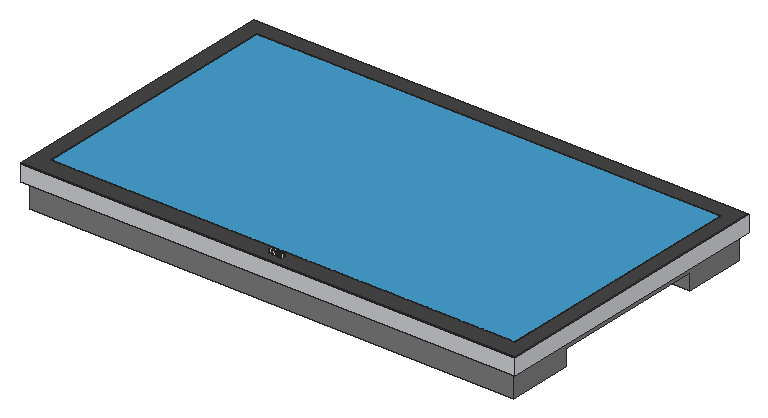
Revit family (continued)
Lines and regions (in)
  model lines
    curve 574: circle (-23.60484, -15.74986, 0) r 0.35465 normal (0, 0, -1)
    curve 575: circle (-23.60484, -15.74986, 0) r 0.44922 normal (0, 0, -1)
    curve 576: circle (-23.60484, -15.74986, 0) r 0.42361 normal (0, 0, -1)
    curve 577: circle (-23.60484, -15.74986, 0) r 0.46893 normal (0, 0, -1)
    curve 578: circle (-23.60484, -15.74986, 0) r 0.76841 normal (0, 0, -1)
    curve 579: circle (-23.60484, -15.74986, 0) r 0.78811 normal (0, 0, -1)
    curve 580: circle (-23.60484, 15.77465, 0) r 0.76841 normal (0, 0, -1)
    curve 581: circle (-23.60484, 15.77465, 0) r 0.78811 normal (0, 0, -1)
    curve 582: circle (-23.60484, 15.77465, 0) r 0.15762 normal (0, 0, -1)
    curve 583: circle (-23.60484, 15.77465, 0) r 0.19703 normal (0, 0, -1)
    curve 584: circle (-23.60484, 15.77465, 0) r 0.29554 normal (0, 0, -1)
    curve 585: circle (-23.60484, 15.77465, 0) r 0.35465 normal (0, 0, -1)
    curve 586: circle (-23.60484, 15.77465, 0) r 0.42361 normal (0, 0, -1)
    curve 587: circle (-23.60484, 15.77465, 0) r 0.44922 normal (0, 0, -1)
    curve 588: circle (-23.60484, 15.77465, 0) r 0.46893 normal (0, 0, -1)
    curve 590: line (37.29267, -11.74874, 0) -> (26.19211, -11.74874, 0)
    curve 591: arc (26.19211, -11.74874, 0) -> (26.13638, -11.72566, 0) -> (26.1133, -11.66993, 0) r 0.07881
    curve 592: line (26.1133, 2.0452, 0) -> (26.1133, -11.66993, 0)
    curve 593: arc (26.03449, 2.12401, 0) -> (26.09021, 2.10093, 0) -> (26.1133, 2.0452, 0) r 0.07881
    curve 594: line (22.74017, 2.12401, 0) -> (26.03449, 2.12401, 0)
    curve 595: line (22.66136, 10.94905, 0) -> (22.66136, 2.20283, 0)
    curve 596: arc (22.74017, 2.12401, 0) -> (22.68444, 2.1471, 0) -> (22.66136, 2.20283, 0) r 0.07881
    curve 597: arc (22.66136, 10.94905, 0) -> (22.68444, 11.00478, 0) -> (22.74017, 11.02786, 0) r 0.07881
    curve 598: line (22.74017, 11.02786, 0) -> (33.69888, 11.02786, 0)
    curve 599: arc (33.8171, 11.14608, 0) -> (33.78247, 11.06249, 0) -> (33.69888, 11.02786, 0) r 0.11822
    curve 600: line (33.8171, 12.013, 0) -> (33.8171, 11.14608, 0)
    curve 601: arc (33.69888, 12.13122, 0) -> (33.78247, 12.09659, 0) -> (33.8171, 12.013, 0) r 0.11822
    curve 602: line (33.28512, 12.13122, 0) -> (33.69888, 12.13122, 0)
    curve 603: line (37.29267, 12.21003, 0) -> (33.28512, 12.21003, 0)
    curve 604: arc (33.24571, 10.94497, 0) -> (33.30144, 10.92188, 0) -> (33.32453, 10.86616, 0) r 0.07881
    curve 605: line (33.24571, 10.94497, 0) -> (22.8308, 10.94497, 0)
    curve 606: line (22.75199, 10.77552, 0) -> (33.32453, 10.77552, 0)
    curve 607: line (33.31664, 12.10815, 0) -> (33.31664, -11.67147, 0)
    curve 608: line (33.32453, 10.44176, 0) -> (33.32453, 11.31932, 0)
    curve 609: line (33.31664, -11.67147, 0) -> (37.125, -11.67147, 0)
    curve 610: line (37.29267, -11.74874, 0) -> (26.19211, -11.74874, 0)
    curve 611: line (33.28512, -11.71328, 0) -> (26.1527, -11.71328, 0)
    curve 612: line (33.31664, -11.67147, 0) -> (37.125, -11.67147, 0)
    curve 613: line (33.69888, -11.69357, 0) -> (33.28512, -11.69357, 0)
    curve 614: arc (33.8171, -11.57536, 0) -> (33.78247, -11.65895, 0) -> (33.69888, -11.69357, 0) r 0.11822
    curve 615: line (33.8171, -11.57536, 0) -> (33.8171, 1.99004, 0)
    curve 616: arc (33.69888, 2.10825, 0) -> (33.78247, 2.07363, 0) -> (33.8171, 1.99004, 0) r 0.11822
    curve 617: line (33.28512, 2.10825, 0) -> (33.69888, 2.10825, 0)
    curve 618: line (33.32453, 1.74375, 0) -> (33.37181, 1.74375, 0)
    curve 619: line (33.37181, 1.74375, 0) -> (33.37181, 1.82256, 0)
    curve 620: line (33.37181, 1.82256, 0) -> (33.37181, 3.83619, 0)
    curve 621: line (33.31664, 12.10815, 0) -> (33.31664, -11.67147, 0)
    curve 622: line (33.31664, 12.10815, 0) -> (33.31664, -11.67147, 0)
    curve 623: line (33.31664, 12.10815, 0) -> (33.31664, -11.67147, 0)
    curve 624: line (33.32453, 3.83619, 0) -> (33.32453, 1.82256, 0)
    curve 625: line (33.37181, 1.82256, 0) -> (33.37181, 3.83619, 0)
    curve 626: line (33.28512, 2.12795, 0) -> (32.69403, 2.12795, 0)
    curve 627: line (33.24571, 2.19691, 0) -> (22.8308, 2.19691, 0)
    curve 628: arc (33.32453, 2.27573, 0) -> (33.30144, 2.22, 0) -> (33.24571, 2.19691, 0) r 0.07881
    curve 629: line (22.75199, 2.36636, 0) -> (33.32453, 2.36636, 0)
    curve 630: line (33.28512, 2.12795, 0) -> (32.69403, 2.12795, 0)
    curve 631: line (32.69403, 2.09643, 0) -> (32.69403, 2.26587, 0)
    curve 632: arc (32.61522, 2.34469, 0) -> (32.67095, 2.3216, 0) -> (32.69403, 2.26587, 0) r 0.07881
    curve 633: line (32.61522, 2.34469, 0) -> (26.8226, 2.34469, 0)
    curve 634: arc (26.74379, 2.26587, 0) -> (26.76687, 2.3216, 0) -> (26.8226, 2.34469, 0) r 0.07881
    curve 635: line (26.74379, 2.09643, 0) -> (26.74379, 2.26587, 0)
    curve 636: line (33.24571, 2.19691, 0) -> (22.8308, 2.19691, 0)
    curve 637: line (26.74379, 2.12795, 0) -> (26.1527, 2.12795, 0)
    curve 638: arc (26.03449, 2.12401, 0) -> (26.09021, 2.10093, 0) -> (26.1133, 2.0452, 0) r 0.07881
    curve 639: line (22.74017, 2.12401, 0) -> (26.03449, 2.12401, 0)
    curve 640: line (26.1133, 2.0452, 0) -> (26.1133, -11.66993, 0)
    curve 641: line (26.1527, 1.7339, 0) -> (25.64043, 1.7339, 0)
    curve 642: arc (25.52221, 1.61568, 0) -> (25.55684, 1.69927, 0) -> (25.64043, 1.7339, 0) r 0.11822
    curve 643: line (25.52221, -2.42438, 0) -> (25.52221, 1.61568, 0)
    curve 644: arc (25.64043, -2.5426, 0) -> (25.55684, -2.50797, 0) -> (25.52221, -2.42438, 0) r 0.11822
    curve 645: line (25.94385, -2.5426, 0) -> (25.64043, -2.5426, 0)
    curve 646: line (25.94385, -3.13368, 0) -> (25.94385, -2.5426, 0)
    curve 647: line (25.64043, -3.13368, 0) -> (25.94385, -3.13368, 0)
    curve 648: arc (25.52221, -3.2519, 0) -> (25.55684, -3.16831, 0) -> (25.64043, -3.13368, 0) r 0.11822
    curve 649: line (25.52221, -6.33342, 0) -> (25.52221, -3.2519, 0)
    curve 650: arc (25.64043, -6.45164, 0) -> (25.55684, -6.41701, 0) -> (25.52221, -6.33342, 0) r 0.11822
    curve 651: line (25.64043, -6.45164, 0) -> (25.94385, -6.45164, 0)
    curve 652: line (25.94385, -6.45164, 0) -> (25.94385, -7.04272, 0)
    curve 653: line (25.94385, -7.04272, 0) -> (25.64043, -7.04272, 0)
    curve 654: arc (25.52221, -7.16094, 0) -> (25.55684, -7.07735, 0) -> (25.64043, -7.04272, 0) r 0.11822
    curve 655: line (25.52221, -11.16948, 0) -> (25.52221, -7.16094, 0)
    curve 656: arc (25.64043, -11.2877, 0) -> (25.55684, -11.25307, 0) -> (25.52221, -11.16948, 0) r 0.11822
    curve 657: line (26.1527, -11.2877, 0) -> (25.64043, -11.2877, 0)
    curve 658: circle (15.80087, 15.77446, 0) r 0.19703 normal (0, 0, -1)
    curve 659: circle (15.80087, 0.0122, 0) r 0.19703 normal (0, 0, -1)
    curve 660: circle (15.80087, -15.75005, 0) r 0.19703 normal (0, 0, -1)
    curve 661: circle (-15.72371, 15.77465, 0) r 0.19703 normal (0, 0, -1)
    curve 662: circle (-15.72371, -15.74986, 0) r 0.19703 normal (0, 0, -1)
    curve 663: arc (-27.3484, -19.627, 0) -> (-27.54542, -19.82403, 0) -> (-27.74245, -19.627, 0) r 0.19703
    curve 664: line (-27.74245, -18.72067, 0) -> (-27.74245, -19.627, 0)
    curve 665: arc (-27.74245, -18.72067, 0) -> (-27.56933, -18.30271, 0) -> (-27.15137, -18.12959, 0) r 0.59108
    curve 666: arc (-27.3484, -18.72067, 0) -> (-27.29069, -18.58135, 0) -> (-27.15137, -18.52365, 0) r 0.19703
    curve 667: line (-27.3484, -18.72067, 0) -> (-27.3484, -19.627, 0)
    curve 668: line (-27.15137, -18.52336, 0) -> (-23.99892, -18.52336, 0)
    curve 669: line (-27.15137, -18.1293, 0) -> (-23.99892, -18.1293, 0)
    curve 670: arc (-23.99892, -18.12959, 0) -> (-23.58096, -18.30271, 0) -> (-23.40783, -18.72067, 0) r 0.59108
    curve 671: arc (-23.99892, -18.52365, 0) -> (-23.8596, -18.58135, 0) -> (-23.80189, -18.72067, 0) r 0.19703
    curve 672: line (-23.80189, -18.72067, 0) -> (-23.80189, -19.627, 0)
    curve 673: arc (-23.40783, -19.627, 0) -> (-23.60486, -19.82403, 0) -> (-23.80189, -19.627, 0) r 0.19703
    curve 674: line (-23.40783, -18.72067, 0) -> (-23.40783, -19.627, 0)
    curve 675: arc (-27.74245, 19.35766, 0) -> (-27.54542, 20.00719, 0) -> (-27.3484, 19.35766, 0) r 0.35465
    curve 676: arc (-23.80189, 19.35766, 0) -> (-23.60486, 20.00719, 0) -> (-23.40783, 19.35766, 0) r 0.35465
    curve 677: arc (-23.80189, 19.65254, 0) -> (-23.60486, 19.84957, 0) -> (-23.40783, 19.65254, 0) r 0.19703
    curve 678: line (-23.80189, 18.7465, 0) -> (-23.80189, 19.65254, 0)
    curve 679: line (-23.80189, 18.7465, 0) -> (-23.80189, 19.65254, 0)
    curve 680: line (-23.40783, 18.74621, 0) -> (-23.40783, 19.65254, 0)
    curve 681: arc (-23.40783, 18.74621, 0) -> (-23.5875, 18.32181, 0) -> (-24.01728, 18.15541, 0) r 0.59108
    curve 682: line (-27.16974, 18.15541, 0) -> (-24.01728, 18.15541, 0)
    curve 683: line (-27.16197, 18.54947, 0) -> (-23.99892, 18.54947, 0)
    curve 684: arc (-27.74245, 19.35766, 0) -> (-27.54542, 20.00719, 0) -> (-27.3484, 19.35766, 0) r 0.35465
    curve 685: arc (-27.74245, 19.65254, 0) -> (-27.54542, 19.84957, 0) -> (-27.3484, 19.65254, 0) r 0.19703
    curve 686: line (-27.3484, 18.74621, 0) -> (-27.3484, 19.65254, 0)
    curve 687: line (-27.74245, 18.74621, 0) -> (-27.74245, 19.65254, 0)
    curve 688: arc (-27.16197, 18.54947, 0) -> (-27.29439, 18.61069, 0) -> (-27.3484, 18.74621, 0) r 0.19703
    curve 689: arc (-27.16974, 18.15541, 0) -> (-27.57577, 18.3348, 0) -> (-27.74245, 18.74621, 0) r 0.59108
    curve 690: arc (27.42545, 19.35766, 0) -> (27.62248, 20.00719, 0) -> (27.8195, 19.35766, 0) r 0.35465
    curve 691: arc (23.48488, 19.35766, 0) -> (23.68191, 20.00719, 0) -> (23.87894, 19.35766, 0) r 0.35465
    curve 692: arc (23.48488, 19.65254, 0) -> (23.68191, 19.84957, 0) -> (23.87894, 19.65254, 0) r 0.19703
    curve 693: line (23.48488, 18.74621, 0) -> (23.48488, 19.65254, 0)
    curve 694: line (23.87894, 18.74621, 0) -> (23.87894, 19.65254, 0)
    curve 695: arc (24.06537, 18.54947, 0) -> (23.93295, 18.61069, 0) -> (23.87894, 18.74621, 0) r 0.19703
    curve 696: arc (24.0576, 18.15541, 0) -> (23.65156, 18.3348, 0) -> (23.48488, 18.74621, 0) r 0.59108
    curve 697: line (24.06537, 18.54947, 0) -> (27.21782, 18.54947, 0)
    curve 698: line (24.0576, 18.15541, 0) -> (27.21005, 18.15541, 0)
    curve 699: arc (27.42545, 19.35766, 0) -> (27.62248, 20.00719, 0) -> (27.8195, 19.35766, 0) r 0.35465
    curve 700: arc (27.42545, 19.65254, 0) -> (27.62248, 19.84957, 0) -> (27.8195, 19.65254, 0) r 0.19703
    curve 701: line (27.42545, 18.74621, 0) -> (27.42545, 19.65254, 0)
    curve 702: arc (27.8195, 18.74621, 0) -> (27.63983, 18.32181, 0) -> (27.21005, 18.15541, 0) r 0.59108
    curve 703: line (27.8195, 18.74621, 0) -> (27.8195, 19.65254, 0)
    curve 704: arc (27.42545, 18.74621, 0) -> (27.36394, 18.60319, 0) -> (27.21782, 18.54947, 0) r 0.19703
    curve 705: line (24.07597, 18.54947, 0) -> (27.22842, 18.54947, 0)
    curve 706: arc (27.8195, -19.627, 0) -> (27.62248, -19.82403, 0) -> (27.42545, -19.627, 0) r 0.19703
    curve 707: line (27.42545, -18.72067, 0) -> (27.42545, -19.627, 0)
    curve 708: line (27.8195, -18.72067, 0) -> (27.8195, -19.627, 0)
    curve 709: arc (27.22842, -18.12959, 0) -> (27.64638, -18.30271, 0) -> (27.8195, -18.72067, 0) r 0.59108
    curve 710: line (24.07597, -18.1293, 0) -> (27.22842, -18.1293, 0)
    curve 711: line (24.07597, -18.52336, 0) -> (27.22842, -18.52336, 0)
    curve 712: arc (27.22842, -18.52365, 0) -> (27.36774, -18.58135, 0) -> (27.42545, -18.72067, 0) r 0.19703
    curve 713: arc (23.48488, -18.72067, 0) -> (23.65801, -18.30271, 0) -> (24.07597, -18.12959, 0) r 0.59108
    curve 714: arc (23.87894, -18.72067, 0) -> (23.93665, -18.58135, 0) -> (24.07597, -18.52365, 0) r 0.19703
    curve 715: line (23.87894, -18.72067, 0) -> (23.87894, -19.627, 0)
    curve 716: line (23.48488, -18.72067, 0) -> (23.48488, -19.627, 0)
    curve 717: arc (23.87894, -19.627, 0) -> (23.68191, -19.82403, 0) -> (23.48488, -19.627, 0) r 0.19703
    curve 718: circle (15.80087, -15.75005, 0) r 0.19703 normal (0, 0, -1)
    curve 719: circle (15.80087, -15.75005, 0) r 0.19703 normal (0, 0, -1)
    curve 720: circle (-15.72371, 0.01239, 0) r 0.19703 normal (0, 0, -1)
    curve 721: circle (-15.72371, -15.74986, 0) r 0.19703 normal (0, 0, -1)
    curve 722: circle (29.09426, -21.92943, 6.31) r 0.2384 normal (0, 0, 1)
    curve 723: circle (28.47165, -21.92943, 6.31) r 0.10245 normal (0, 0, 1)
    curve 724: arc (27.20819, -22.0583, 6.31) -> (27.29724, -22.25276, 6.31) -> (27.24616, -22.04507, 6.31) r 0.10742
    curve 725: line (35.65533, -20.08928, 6.31) -> (35.88839, -20.32234, 6.31)
    curve 726: line (35.91147, -22.41422, 6.31) -> (35.91147, -20.37806, 6.31)
    curve 727: line (35.89177, -20.08928, 6.31) -> (35.89177, 20.06507, 6.31)
    curve 728: line (35.65533, -20.32572, 6.31) -> (-35.59007, -20.32572, 6.31)
    curve 729: line (-35.8462, -22.41422, 6.31) -> (-35.8462, -20.37806, 6.31)
    curve 730: line (-35.59007, -20.08928, 6.31) -> (-35.82312, -20.32234, 6.31)
    curve 731: line (-35.8265, -20.08928, 6.31) -> (-35.8265, 20.06507, 6.31)
    curve 732: line (35.65533, 20.3015, 6.31) -> (-35.59007, 20.3015, 6.31)
    curve 733: line (-35.8462, 22.39, 6.31) -> (-35.8462, 20.35385, 6.31)
    curve 734: line (-35.82312, 20.29812, 6.31) -> (-35.59007, 20.06507, 6.31)
    curve 735: line (35.83266, 20.24239, 6.31) -> (35.65533, 20.06507, 6.31)
    curve 736: line (35.91147, 20.35385, 6.31) -> (35.91147, 22.39, 6.31)
    curve 737: arc (35.88839, 20.29812, 6.31) -> (35.90547, 20.32369, 6.31) -> (35.91147, 20.35385, 6.31) r 0.07881
    curve 738: line (35.89177, -20.08928, 6.31) -> (35.89177, 20.06507, 6.31)
    curve 739: line (35.89177, -20.08928, 6.31) -> (35.89177, 20.06507, 6.31)
Dimensions and locks (in)
  aligned and locked: plane 2 to Extrusion 1
  aligned and locked: level to Extrusion 1
